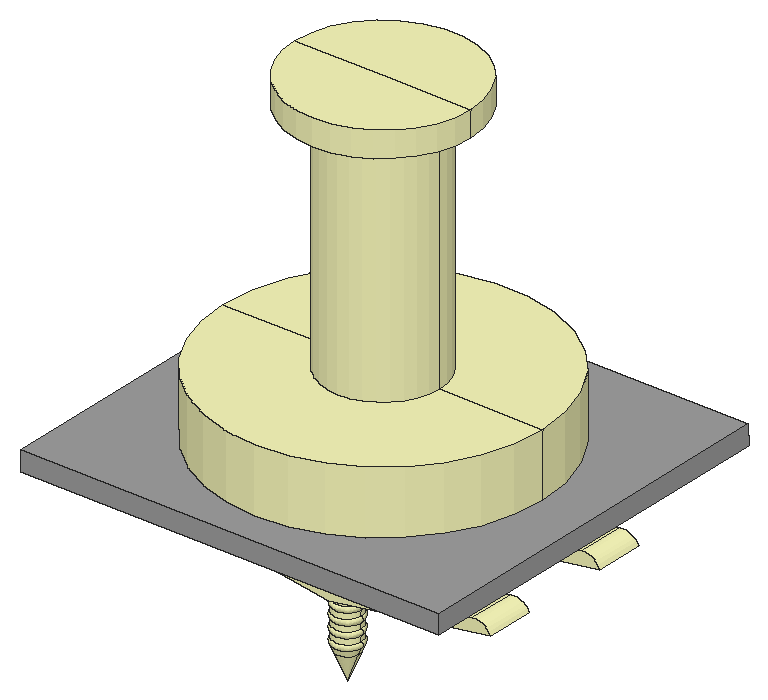
Revit family "673RH", category Plumbing Fixtures, host Face, Revit 2019
Family settings
  Host = Face
  Round Connector Dimension = Use Diameter
  Part Type = Normal
  OmniClass Number = 23.65.70.11.11
  OmniClass Title = Fixtures for Liquids
  Cut with Voids When Loaded = No
  Shared = No
  Room Calculation Point = No
Parameters (values of type "Satin Nickel")
  z Has Trim = no
  z Has Rebuild Kit Trim Only = no
  Waste Connection = no
  Vent Connection = no
  URL = ""
  Product Material = Nickel - Symmons - Satin
  Model = ""
  Manufacturer = ""
  HW Connection = no
  Gallons Per Minute = 0.000 GPM
  Description = ""
  Default Elevation = 0.000"
  Date Modified = ""
  Date Created = ""
  CW Connection = no
Types (2): name | Product Material
  Satin Nickel | Nickel - Symmons - Satin
  Polished Chrome | Chrome - Symmons - Polished
Reference planes (in)
  plane 1 "Center (Front/Back)": y = 0
  plane 2 "Center (Elevation)": z = 0
  plane 3 "Center (Left/Right)": x = 0
  plane 4: z = 0
  plane 5: z = 0
  plane 6 "LT": z = 2.35631
  plane 7 "Bolt": y = -0.2976
Forms (in)
  Extrusion 1, solid, material "Default"
    sketch origin (0, 0, 0) x (1, 0, 0) y (0, 1, 0)
      loop
        line (-1.16779, 1.0909) -> (-1.16779, -1.07963) -> (1.17369, -1.07963) -> (1.17369, 1.0909) -> (-1.16779, 1.0909)
    from 0 to -0.106
  Revolve 2, solid, material "Nickel - Symmons - Satin" <- "Product Material"
    sketch origin (0, 0, 0) x (1, 0, 0) y (0, 0, 1)
      loop
        line (0.49321, 1.8189) -> (0, 1.8189) -> (0, 0) -> (0.89479, 0) -> (0.89479, 0.35433) -> (0.31583, 0.35433) -> (0.31583, 1.67717) -> (0.49321, 1.67717) -> (0.49321, 1.8189)
      axis (0, 1.8189) -> (0, 0)
    angle from 0 to 360
  Extrusion 3, solid, material "Nickel - Symmons - Satin" <- "Product Material"
    sketch origin (0, 0, 0) x (1, 0, 0) y (0, 0, 1)
      loop
        line (0.03963, -0.61339) -> (0.94963, -0.47339)
        arc (0.94963, -0.47339) -> (0.90672, -0.4288) -> (0.8457, -0.41855) r 0.09864
        line (0.8457, -0.41855) -> (0.77053, -0.43012)
        arc (0.77053, -0.43012) -> (0.76124, -0.40768) -> (0.7388, -0.39839) r 0.03173
        line (0.7388, -0.39839) -> (0.29513, -0.39839)
        arc (0.29513, -0.39839) -> (0.22442, -0.3691) -> (0.19513, -0.29839) r 0.1
        line (0.19513, -0.29839) -> (0.19513, 0.08661) -> (-0.11587, 0.08661) -> (-0.11587, -0.29839)
        arc (-0.11587, -0.29839) -> (-0.14516, -0.3691) -> (-0.21587, -0.39839) r 0.1
        line (-0.21587, -0.39839) -> (-0.65953, -0.39839)
        arc (-0.65953, -0.39839) -> (-0.68197, -0.40768) -> (-0.69126, -0.43012) r 0.03173
        line (-0.69126, -0.43012) -> (-0.76643, -0.41855)
        arc (-0.76643, -0.41855) -> (-0.82746, -0.4288) -> (-0.87037, -0.47339) r 0.09864
        line (-0.87037, -0.47339) -> (0.03963, -0.61339)
      loop
        line (0.03963, -0.54256) -> (0.51528, -0.46939) -> (0.29513, -0.46939)
        arc (0.29513, -0.46939) -> (0.17422, -0.4193) -> (0.12413, -0.29839) r 0.171
        line (0.12413, -0.29839) -> (0.12413, 0.05461) -> (-0.04487, 0.05461) -> (-0.04487, -0.29839)
        arc (-0.04487, -0.29839) -> (-0.09495, -0.4193) -> (-0.21587, -0.46939) r 0.171
        line (-0.21587, -0.46939) -> (-0.43601, -0.46939) -> (0.03963, -0.54256)
    from 0.4321 to 0.1631
  Revolve 4, solid, material "Nickel - Symmons - Satin" <- "Product Material"
    sketch origin (0, -0.2976, 0) x (-1, 0, 0) y (0, 0, 1)
      loop
        line (-0.03966, -1.0756) -> (-0.03966, 0.11786) -> (-0.11635, 0.11786)
        arc (-0.11635, 0.11786) -> (-0.12434, 0.10137) -> (-0.11635, 0.08489) r 0.02101
        line (-0.11635, 0.08489) -> (-0.11635, 0.05318)
        arc (-0.11635, 0.05318) -> (-0.12434, 0.0367) -> (-0.11635, 0.02022) r 0.02101
        line (-0.11635, 0.02022) -> (-0.11635, -0.01149)
        arc (-0.11635, -0.01149) -> (-0.12434, -0.02798) -> (-0.11635, -0.04446) r 0.02101
        line (-0.11635, -0.04446) -> (-0.11635, -0.07617)
        arc (-0.11635, -0.07617) -> (-0.12434, -0.09265) -> (-0.11635, -0.10913) r 0.02101
        line (-0.11635, -0.10913) -> (-0.11635, -0.14084)
        arc (-0.11635, -0.14084) -> (-0.12434, -0.15733) -> (-0.11635, -0.17381) r 0.02101
        line (-0.11635, -0.17381) -> (-0.11635, -0.20552)
        arc (-0.11635, -0.20552) -> (-0.12434, -0.222) -> (-0.11635, -0.23848) r 0.02101
        line (-0.11635, -0.23848) -> (-0.11635, -0.27019)
        arc (-0.11635, -0.27019) -> (-0.12434, -0.28668) -> (-0.11635, -0.30316) r 0.02101
        line (-0.11635, -0.30316) -> (-0.11635, -0.33487)
        arc (-0.11635, -0.33487) -> (-0.12434, -0.35135) -> (-0.11635, -0.36783) r 0.02101
        line (-0.11635, -0.36783) -> (-0.11635, -0.39954)
        arc (-0.11635, -0.39954) -> (-0.12434, -0.41603) -> (-0.11635, -0.43251) r 0.02101
        line (-0.11635, -0.43251) -> (-0.11635, -0.46422)
        arc (-0.11635, -0.46422) -> (-0.12434, -0.4807) -> (-0.11635, -0.49718) r 0.02101
        line (-0.11635, -0.49718) -> (-0.11635, -0.52889)
        arc (-0.11635, -0.52889) -> (-0.12434, -0.54538) -> (-0.11635, -0.56186) r 0.02101
        line (-0.11635, -0.56186) -> (-0.11635, -0.59357)
        arc (-0.11635, -0.59357) -> (-0.12434, -0.61005) -> (-0.11635, -0.62653) r 0.02101
        line (-0.11635, -0.62653) -> (-0.11635, -0.65824)
        arc (-0.11635, -0.65824) -> (-0.12434, -0.67473) -> (-0.11635, -0.69121) r 0.02101
        line (-0.11635, -0.69121) -> (-0.11635, -0.72292)
        arc (-0.11635, -0.72292) -> (-0.12434, -0.7394) -> (-0.11635, -0.75588) r 0.02101
        line (-0.11635, -0.75588) -> (-0.11635, -0.78759)
        arc (-0.11635, -0.78759) -> (-0.12434, -0.80408) -> (-0.11635, -0.82056) r 0.02101
        line (-0.11635, -0.82056) -> (-0.11635, -0.85227)
        arc (-0.11635, -0.85227) -> (-0.12413, -0.86582) -> (-0.1204, -0.88099) r 0.02101
        line (-0.1204, -0.88099) -> (-0.10427, -0.91987) -> (-0.03966, -1.0756)
      axis (-0.03966, -1.0756) -> (-0.03966, 0.11786)
    angle from 0 to 360
  Revolve 5, solid, material "Nickel - Symmons - Satin" <- "Product Material"
    sketch origin (0, -0.2976, 0) x (-1, 0, 0) y (0, 0, 1)
      loop
        line (-0.03963, -0.22339) -> (-0.03963, 0) -> (-0.19513, 0) -> (-0.19513, -0.22339) -> (-0.03963, -0.22339)
      axis (-0.03963, -0.22339) -> (-0.03963, 0)
    angle from 0 to 360
  Extrusion 6, solid, material "Nickel - Symmons - Satin" <- "Product Material"
    sketch origin (0, 0.7639, 0) x (1, 0, 0) y (0, 0, 1)
      loop
        line (0.03963, -0.61339) -> (0.94963, -0.47339)
        arc (0.94963, -0.47339) -> (0.90672, -0.4288) -> (0.8457, -0.41855) r 0.09864
        line (0.8457, -0.41855) -> (0.77053, -0.43012)
        arc (0.77053, -0.43012) -> (0.76124, -0.40768) -> (0.7388, -0.39839) r 0.03173
        line (0.7388, -0.39839) -> (0.29513, -0.39839)
        arc (0.29513, -0.39839) -> (0.22442, -0.3691) -> (0.19513, -0.29839) r 0.1
        line (0.19513, -0.29839) -> (0.19513, 0.08661) -> (-0.11587, 0.08661) -> (-0.11587, -0.29839)
        arc (-0.11587, -0.29839) -> (-0.14516, -0.3691) -> (-0.21587, -0.39839) r 0.1
        line (-0.21587, -0.39839) -> (-0.65953, -0.39839)
        arc (-0.65953, -0.39839) -> (-0.68197, -0.40768) -> (-0.69126, -0.43012) r 0.03173
        line (-0.69126, -0.43012) -> (-0.76643, -0.41855)
        arc (-0.76643, -0.41855) -> (-0.82746, -0.4288) -> (-0.87037, -0.47339) r 0.09864
        line (-0.87037, -0.47339) -> (0.03963, -0.61339)
      loop
        line (0.03963, -0.54256) -> (0.51528, -0.46939) -> (0.29513, -0.46939)
        arc (0.29513, -0.46939) -> (0.17422, -0.4193) -> (0.12413, -0.29839) r 0.171
        line (0.12413, -0.29839) -> (0.12413, 0.05461) -> (-0.04487, 0.05461) -> (-0.04487, -0.29839)
        arc (-0.04487, -0.29839) -> (-0.09495, -0.4193) -> (-0.21587, -0.46939) r 0.171
        line (-0.21587, -0.46939) -> (-0.43601, -0.46939) -> (0.03963, -0.54256)
    from 0.4321 to 0.1631
  Revolve 7, solid, material "Nickel - Symmons - Satin" <- "Product Material"
    sketch origin (0, 0.4663, 0) x (-1, 0, 0) y (0, 0, 1)
      loop
        line (-0.03966, -1.0756) -> (-0.03966, 0.11786) -> (-0.11635, 0.11786)
        arc (-0.11635, 0.11786) -> (-0.12434, 0.10137) -> (-0.11635, 0.08489) r 0.02101
        line (-0.11635, 0.08489) -> (-0.11635, 0.05318)
        arc (-0.11635, 0.05318) -> (-0.12434, 0.0367) -> (-0.11635, 0.02022) r 0.02101
        line (-0.11635, 0.02022) -> (-0.11635, -0.01149)
        arc (-0.11635, -0.01149) -> (-0.12434, -0.02798) -> (-0.11635, -0.04446) r 0.02101
        line (-0.11635, -0.04446) -> (-0.11635, -0.07617)
        arc (-0.11635, -0.07617) -> (-0.12434, -0.09265) -> (-0.11635, -0.10913) r 0.02101
        line (-0.11635, -0.10913) -> (-0.11635, -0.14084)
        arc (-0.11635, -0.14084) -> (-0.12434, -0.15733) -> (-0.11635, -0.17381) r 0.02101
        line (-0.11635, -0.17381) -> (-0.11635, -0.20552)
        arc (-0.11635, -0.20552) -> (-0.12434, -0.222) -> (-0.11635, -0.23848) r 0.02101
        line (-0.11635, -0.23848) -> (-0.11635, -0.27019)
        arc (-0.11635, -0.27019) -> (-0.12434, -0.28668) -> (-0.11635, -0.30316) r 0.02101
        line (-0.11635, -0.30316) -> (-0.11635, -0.33487)
        arc (-0.11635, -0.33487) -> (-0.12434, -0.35135) -> (-0.11635, -0.36783) r 0.02101
        line (-0.11635, -0.36783) -> (-0.11635, -0.39954)
        arc (-0.11635, -0.39954) -> (-0.12434, -0.41603) -> (-0.11635, -0.43251) r 0.02101
        line (-0.11635, -0.43251) -> (-0.11635, -0.46422)
        arc (-0.11635, -0.46422) -> (-0.12434, -0.4807) -> (-0.11635, -0.49718) r 0.02101
        line (-0.11635, -0.49718) -> (-0.11635, -0.52889)
        arc (-0.11635, -0.52889) -> (-0.12434, -0.54538) -> (-0.11635, -0.56186) r 0.02101
        line (-0.11635, -0.56186) -> (-0.11635, -0.59357)
        arc (-0.11635, -0.59357) -> (-0.12434, -0.61005) -> (-0.11635, -0.62653) r 0.02101
        line (-0.11635, -0.62653) -> (-0.11635, -0.65824)
        arc (-0.11635, -0.65824) -> (-0.12434, -0.67473) -> (-0.11635, -0.69121) r 0.02101
        line (-0.11635, -0.69121) -> (-0.11635, -0.72292)
        arc (-0.11635, -0.72292) -> (-0.12434, -0.7394) -> (-0.11635, -0.75588) r 0.02101
        line (-0.11635, -0.75588) -> (-0.11635, -0.78759)
        arc (-0.11635, -0.78759) -> (-0.12434, -0.80408) -> (-0.11635, -0.82056) r 0.02101
        line (-0.11635, -0.82056) -> (-0.11635, -0.85227)
        arc (-0.11635, -0.85227) -> (-0.12413, -0.86582) -> (-0.1204, -0.88099) r 0.02101
        line (-0.1204, -0.88099) -> (-0.10427, -0.91987) -> (-0.03966, -1.0756)
      axis (-0.03966, -1.0756) -> (-0.03966, 0.11786)
    angle from 0 to 360
  Revolve 8, solid, material "Nickel - Symmons - Satin" <- "Product Material"
    sketch origin (0, 0.4663, 0) x (-1, 0, 0) y (0, 0, 1)
      loop
        line (-0.03963, -0.22339) -> (-0.03963, 0) -> (-0.19513, 0) -> (-0.19513, -0.22339) -> (-0.03963, -0.22339)
      axis (-0.03963, -0.22339) -> (-0.03963, 0)
    angle from 0 to 360
Dimensions and locks (in)
  plane 4 to plane 2 "Center (Elevation)" = 0.000"
  plane 5 to plane 4 = 0.000"
  aligned and locked: plane 2 "Center (Elevation)" to Extrusion 1
  aligned and locked: level to Extrusion 1
